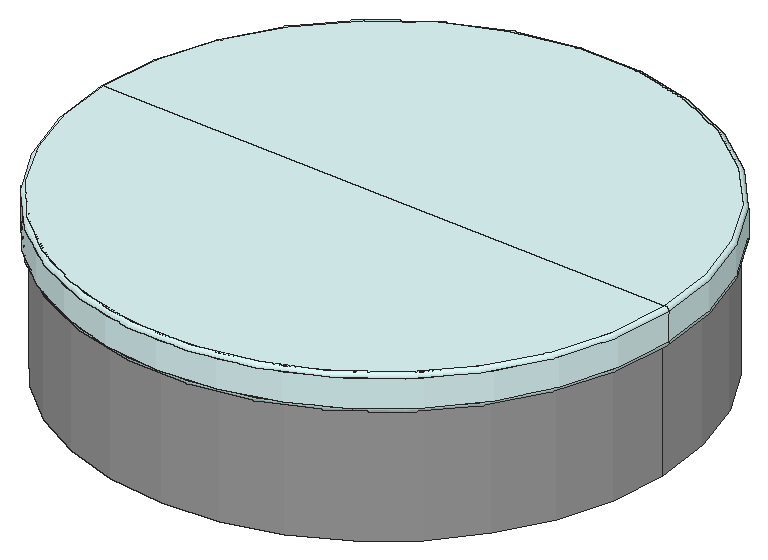
Revit family "33638_HOST_FACE", category Lighting Fixtures, host Face, Revit 2012
Parameters (values of type "Ceiling and Wall Luminaires")
  Wattage = 6.69171 W
  built-in parameter 1150110 = 1 (stored number, unit not read)
  URL = "www.bega-us.com"
  Type Comments = "Surface wall and ceiling with 3-ply opal glass"
  built-in parameter 1114217 = 1 (stored number, unit not read)
  Tilt Angle = 90.00°
  built-in parameter 1150109 = 1 (stored number, unit not read)
  built-in parameter 1150134 = (empty or 0)
  Telephone = "805.684.0533"
  built-in parameter 1150113 = 1 (stored number, unit not read)
  Photometric Web File = "33638.IES"
  Model = "33638"
  Manufacturer = "BEGA-US"
  built-in parameter 1150105 = 79.1 (stored number, unit not read)
  Lumens = 994 lm
  built-in parameter 1150115 = 1 (stored number, unit not read)
  built-in parameter 1150137 = (empty or 0)
  built-in parameter 1150139 = (empty or 0)
  built-in parameter 1150112 = 1 (stored number, unit not read)
  built-in parameter 1150114 = 1 (stored number, unit not read)
  Lamp = "32W LED module"
  built-in parameter 1150132 = 2
  built-in parameter 1150102 = (empty or 0)
  built-in parameter 1150107 = 3000 (stored number, unit not read)
  built-in parameter 1150138 = (empty or 0)
  built-in parameter 1150106 = 0.791 (stored number, unit not read)
  built-in parameter 1150104 = 13.8 (stored number, unit not read)
  Dimming Lamp Color Temperature Shift = <None>
  Default Elevation = 0' - 0"
  Color Filter = 16777215
  built-in parameter 1114218 = 1 (stored number, unit not read)
  built-in parameter 1150133 = 10 (stored number, unit not read)
Reference planes (in)
  plane 1 "Center (Front/Back)": y = 0
  plane 2: z = 0
  plane 3 "Center (Left/Right)": x = 0
Dimensions and locks (in)
  aligned and locked: plane 2 to host face
  aligned and locked: level to host face
Nested families (in)
  nested 1: "3638LED" at (0, 0, 0), type "3638LED"
Connectors (in)
  electrical at (0, 0, 0)
    settings: on host face, index 1, voltage 0 V, apparent load 0 VA, apparent load phase1 0 VA, apparent load phase2 0 VA, apparent load phase3 0 VA, power factor 1, load classification "Other", number of poles 1, system type 31, power factor state 1, is connector primary yes, connector utility no, sub classification motor no, connector description ""
Definition of nested family "3638LED"
  Reference planes (in)
    plane 1 "Center (Front/Back)": y = 0
    plane 2: z = 0
    plane 3 "Center (Left/Right)": x = 0
  Forms (in)
    Revolve 1, solid, material "Default"
      sketch origin (0, 0, 0) x (1, 0, 0) y (0, 0, 1)
        loop
          line (0, 0) -> (5.9375, 0) -> (5.9375, 2.5) -> (5.8125, 2.5) -> (5.8125, 0.125) -> (0, 0.125) -> (0, 0)
        axis (0, 2.5) -> (0, 0)
      angle from 0 to 360
    Revolve 2, solid, material "3-ply opal glass/white glass"
      sketch origin (0, 0, 0) x (1, 0, 0) y (0, 0, 1)
        loop
          line (-5.8125, 2.5) -> (-5.8125, 2.125) -> (-5.75, 2.125) -> (-5.75, 2.625) -> (-6, 2.625) -> (-6, 3.125) -> (0, 3.125) -> (0, 3.25) -> (-5.97927, 3.25)
          arc (-5.97927, 3.25) -> (-6.03812, 3.22562) -> (-6.0625, 3.16677) r 0.08323
          line (-6.0625, 3.16677) -> (-6.0625, 2.59683)
          arc (-6.0625, 2.59683) -> (-6.03414, 2.52836) -> (-5.96567, 2.5) r 0.09683
          line (-5.96567, 2.5) -> (-5.8125, 2.5)
        axis (0, 3.25) -> (0, 2.125)
      angle from 0 to 360
  Dimensions and locks (in)
    aligned and locked: plane 2 to level
